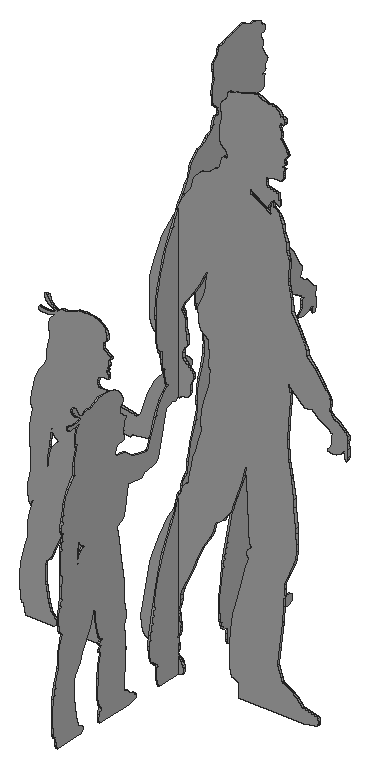
Revit family
Parameters
  built-in parameter 1005198 = (empty or 0)
  built-in parameter 1005195 = "d:\\byoh\\M25_HOL1_Santa.rpc"
Reference planes
  plane 1 "Center (Front/Back)": y = 0
  plane 2: z = 0
  plane 3 "Center (Left/Right)": x = 0
Forms (mm)
  Extrusion 1, solid, material "Sombra escala"
    sketch origin (0, 0, 0) x (1, 0, 0) y (0, 0, 1)
      loop
        line (-62.245, 1247.055) -> (-72.977, 1217.006) -> (-83.709, 1174.078) -> (-90.149, 1146.175) -> (-92.295, 1103.247) -> (-90.149, 1071.051) -> (-90.149, 1028.123) -> (-85.856, 1002.366) -> (-77.27, 991.634) -> (-66.538, 985.195) -> (-66.538, 959.438) -> (-64.392, 933.682) -> (-57.953, 927.242) -> (-55.806, 910.071) -> (-51.513, 890.754) -> (-47.221, 873.583) -> (-60.099, 860.704) -> (-75.124, 841.387) -> (-81.563, 830.655) -> (-88.002, 817.776) -> (-96.588, 800.605) -> (-109.466, 759.824) -> (-122.344, 727.628) -> (-128.784, 719.042) -> (-135.223, 719.042) -> (-188.883, 729.774) -> (-214.639, 751.238) -> (-225.371, 755.531) -> (-238.25, 757.677) -> (-255.421, 757.677) -> (-259.714, 759.824) -> (-264.007, 770.556) -> (-261.86, 779.141) -> (-257.567, 789.873) -> (-248.982, 792.02) -> (-233.957, 792.02) -> (-227.518, 794.166) -> (-227.518, 798.459) -> (-227.518, 804.898) -> (-231.811, 817.776) -> (-227.518, 819.923) -> (-227.518, 822.069) -> (-229.664, 826.362) -> (-225.371, 830.655) -> (-225.371, 834.947) -> (-227.518, 847.826) -> (-218.932, 856.411) -> (-218.932, 860.704) -> (-221.079, 862.851) -> (-242.543, 880.022) -> (-244.689, 886.461) -> (-242.543, 895.047) -> (-233.957, 905.779) -> (-231.811, 907.925) -> (-229.664, 907.925) -> (-231.811, 920.803) -> (-238.25, 935.828) -> (-251.128, 948.706) -> (-264.007, 957.292) -> (-281.178, 961.585) -> (-304.788, 963.731) -> (-326.252, 961.585) -> (-345.57, 952.999) -> (-362.741, 946.56) -> (-375.619, 948.706) -> (-386.351, 944.414) -> (-394.937, 937.974) -> (-405.669, 942.267) -> (-418.547, 955.146) -> (-427.133, 974.463) -> (-433.572, 976.61) -> (-437.864, 974.463) -> (-437.864, 968.024) -> (-433.572, 957.292) -> (-422.84, 946.56) -> (-407.815, 937.974) -> (-399.229, 933.682) -> (-409.961, 929.389) -> (-431.425, 927.242) -> (-446.45, 929.389) -> (-455.036, 931.535) -> (-457.182, 927.242) -> (-457.182, 922.95) -> (-452.889, 918.657) -> (-446.45, 916.51) -> (-427.133, 918.657) -> (-403.522, 925.096) -> (-420.693, 905.779) -> (-424.986, 888.607) -> (-424.986, 875.729) -> (-422.84, 858.558) -> (-420.693, 849.972) -> (-429.279, 824.216) -> (-431.425, 804.898) -> (-431.425, 779.141) -> (-442.157, 761.97) -> (-455.036, 744.799) -> (-465.768, 727.628) -> (-472.207, 708.31) -> (-474.353, 693.285) -> (-480.792, 663.236) -> (-485.085, 643.918) -> (-485.085, 633.186) -> (-480.792, 624.601) -> (-478.646, 618.162) -> (-485.085, 585.966) -> (-487.232, 568.795) -> (-487.232, 534.452) -> (-485.085, 474.353) -> (-485.085, 437.864) -> (-489.378, 418.547) -> (-493.671, 390.644) -> (-493.671, 371.326) -> (-491.524, 341.277) -> (-489.378, 334.838) -> (-485.085, 332.691) -> (-482.939, 334.838) -> (-478.646, 347.716) -> (-480.792, 330.545) -> (-487.232, 309.081) -> (-493.671, 279.031) -> (-493.671, 244.689) -> (-495.817, 233.957) -> (-502.256, 212.493) -> (-508.696, 188.883) -> (-517.281, 150.248) -> (-519.427, 113.759) -> (-519.427, 90.149) -> (-517.281, 45.074) -> (-512.988, 34.342) -> (-506.549, 32.196) -> (-504.403, 10.732) -> (-500.11, 0) -> (-412.108, 0) -> (-405.669, 2.146) -> (-399.229, 6.439) -> (-397.083, 8.586) -> (-394.937, 12.878) -> (-397.083, 17.171) -> (-399.229, 21.464) -> (-416.401, 32.196) -> (-424.986, 64.392) -> (-435.718, 122.344) -> (-435.718, 171.712) -> (-431.425, 184.59) -> (-420.693, 193.176) -> (-416.401, 201.761) -> (-409.961, 214.639) -> (-405.669, 225.371) -> (-394.937, 246.835) -> (-369.18, 298.349) -> (-364.887, 313.374) -> (-356.301, 339.13) -> (-345.57, 362.741) -> (-341.277, 309.081) -> (-332.691, 272.592) -> (-326.252, 251.128) -> (-319.813, 244.689) -> (-324.106, 238.25) -> (-326.252, 231.811) -> (-321.959, 223.225) -> (-326.252, 214.639) -> (-326.252, 208.2) -> (-321.959, 201.761) -> (-328.398, 167.419) -> (-330.545, 130.93) -> (-332.691, 92.295) -> (-332.691, 75.124) -> (-328.398, 55.806) -> (-324.106, 42.928) -> (-326.252, 23.61) -> (-328.398, 8.586) -> (-326.252, 0) -> (-206.054, 0) -> (-184.59, 4.293) -> (-180.297, 6.439) -> (-176.004, 8.586) -> (-176.004, 17.171) -> (-178.151, 21.464) -> (-184.59, 25.757) -> (-201.761, 32.196) -> (-210.347, 42.928) -> (-225.371, 51.513) -> (-227.518, 53.66) -> (-223.225, 152.394) -> (-223.225, 216.786) -> (-227.518, 242.543) -> (-221.079, 253.275) -> (-216.786, 264.007) -> (-216.786, 279.031) -> (-225.371, 319.813) -> (-227.518, 373.473) -> (-236.103, 427.133) -> (-240.396, 446.45) -> (-248.982, 506.549) -> (-255.421, 547.331) -> (-240.396, 558.063) -> (-227.518, 566.648) -> (-221.079, 585.966) -> (-216.786, 605.283) -> (-214.639, 633.186) -> (-212.493, 652.504) -> (-210.347, 656.797) -> (-208.2, 656.797) -> (-199.615, 654.65) -> (-160.98, 648.211) -> (-154.54, 650.358) -> (-145.955, 658.943) -> (-105.173, 663.236) -> (-94.441, 667.529) -> (-90.149, 671.821) -> (-85.856, 678.261) -> (-77.27, 708.31) -> (-66.538, 757.677) -> (-51.513, 807.044) -> (-40.781, 811.337) -> (-25.757, 819.923) -> (-19.318, 817.776) -> (-12.878, 815.63) -> (-6.439, 817.776) -> (-2.146, 822.069) -> (6.439, 822.069) -> (10.732, 824.216) -> (17.171, 830.655) -> (23.61, 830.655) -> (27.903, 830.655) -> (36.489, 834.947) -> (40.781, 839.24) -> (45.074, 845.679) -> (45.074, 856.411) -> (45.074, 873.583) -> (51.513, 886.461) -> (53.66, 892.9) -> (53.66, 901.486) -> (53.66, 907.925) -> (40.781, 920.803) -> (25.757, 935.828) -> (19.318, 944.414) -> (19.318, 959.438) -> (21.464, 968.024) -> (25.757, 976.61) -> (34.342, 985.195) -> (32.196, 1015.245) -> (27.903, 1036.709) -> (27.903, 1060.319) -> (23.61, 1071.051) -> (15.025, 1083.929) -> (17.171, 1094.661) -> (27.903, 1111.832) -> (40.781, 1129.004) -> (55.806, 1150.467) -> (77.27, 1182.663) -> (85.856, 1206.274) -> (98.734, 1223.445) -> (94.441, 1180.517) -> (85.856, 1154.76) -> (72.977, 1124.711) -> (66.538, 1109.686) -> (68.685, 1101.1) -> (70.831, 1088.222) -> (70.831, 1071.051) -> (77.27, 1047.441) -> (90.149, 1036.709) -> (103.027, 1025.977) -> (105.173, 1013.098) -> (107.32, 987.341) -> (105.173, 957.292) -> (105.173, 946.56) -> (109.466, 935.828) -> (107.32, 920.803) -> (107.32, 901.486) -> (98.734, 869.29) -> (85.856, 837.094) -> (79.417, 807.044) -> (77.27, 774.848) -> (79.417, 749.092) -> (68.685, 710.457) -> (60.099, 682.553) -> (51.513, 663.236) -> (47.221, 635.333) -> (40.781, 611.722) -> (38.635, 588.112) -> (36.489, 579.527) -> (27.903, 573.087) -> (21.464, 566.648) -> (17.171, 562.355) -> (15.025, 551.623) -> (12.878, 538.745) -> (4.293, 532.306) -> (0, 525.867) -> (-6.439, 508.696) -> (-10.732, 487.232) -> (-30.05, 455.036) -> (-45.074, 424.986) -> (-62.245, 386.351) -> (-81.563, 330.545) -> (-90.149, 300.495) -> (-98.734, 261.86) -> (-100.881, 244.689) -> (-115.905, 165.272) -> (-120.198, 135.223) -> (-118.052, 105.173) -> (-113.759, 88.002) -> (-107.32, 79.417) -> (-98.734, 72.977) -> (-88.002, 66.538) -> (-90.149, 51.513) -> (-90.149, 30.05) -> (-85.856, 8.586) -> (-81.563, 2.146) -> (-79.417, 0) -> (0, 0) -> (17.171, 6.439) -> (21.464, 12.878) -> (21.464, 23.61) -> (19.318, 32.196) -> (10.732, 45.074) -> (-2.146, 60.099) -> (4.293, 72.977) -> (4.293, 85.856) -> (0, 103.027) -> (0, 109.466) -> (6.439, 118.052) -> (10.732, 130.93) -> (10.732, 141.662) -> (6.439, 176.004) -> (4.293, 188.883) -> (10.732, 210.347) -> (12.878, 225.371) -> (12.878, 240.396) -> (19.318, 259.714) -> (30.05, 283.324) -> (53.66, 332.691) -> (64.392, 362.741) -> (88.002, 407.815) -> (111.613, 446.45) -> (120.198, 465.768) -> (126.637, 491.524) -> (141.662, 500.11) -> (154.54, 510.842) -> (163.126, 523.72) -> (180.297, 545.184) -> (186.736, 568.795) -> (195.322, 594.551) -> (212.493, 641.772) -> (221.079, 667.529) -> (227.518, 691.139) -> (233.957, 603.137) -> (236.103, 508.696) -> (240.396, 472.207) -> (242.543, 465.768) -> (246.835, 463.621) -> (244.689, 457.182) -> (238.25, 455.036) -> (233.957, 450.743) -> (229.664, 442.157) -> (229.664, 433.572) -> (236.103, 424.986) -> (223.225, 386.351) -> (206.054, 321.959) -> (188.883, 264.007) -> (184.59, 244.689) -> (178.151, 195.322) -> (171.712, 150.248) -> (171.712, 124.491) -> (173.858, 83.709) -> (180.297, 55.806) -> (188.883, 51.513) -> (203.907, 47.221) -> (201.761, 32.196) -> (201.761, 12.878) -> (203.907, 2.146) -> (208.2, 0) -> (379.912, 0) -> (418.547, 0) -> (455.036, 6.439) -> (463.621, 10.732) -> (465.768, 12.878) -> (467.914, 17.171) -> (467.914, 21.464) -> (465.768, 32.196) -> (459.328, 36.489) -> (414.254, 47.221) -> (394.937, 68.685) -> (373.473, 81.563) -> (347.716, 96.588) -> (332.691, 145.955) -> (339.13, 199.615) -> (347.716, 274.739) -> (352.009, 324.106) -> (354.155, 375.619) -> (354.155, 390.644) -> (371.326, 429.279) -> (386.351, 459.328) -> (390.644, 476.5) -> (394.937, 500.11) -> (394.937, 521.574) -> (392.79, 553.77) -> (392.79, 568.795) -> (386.351, 628.894) -> (386.351, 652.504) -> (377.765, 712.603) -> (369.18, 766.263) -> (364.887, 824.216) -> (369.18, 864.997) -> (371.326, 916.51) -> (375.619, 933.682) -> (373.473, 957.292) -> (369.18, 987.341) -> (409.961, 944.414) -> (420.693, 937.974) -> (431.425, 937.974) -> (444.304, 942.267) -> (459.328, 927.242) -> (467.914, 920.803) -> (478.646, 916.51) -> (489.378, 907.925) -> (500.11, 901.486) -> (508.696, 895.047) -> (515.135, 892.9) -> (510.842, 882.168) -> (510.842, 871.436) -> (510.842, 860.704) -> (508.696, 856.411) -> (502.256, 847.826) -> (497.964, 843.533) -> (495.817, 839.24) -> (495.817, 837.094) -> (508.696, 834.947) -> (515.135, 834.947) -> (525.867, 834.947) -> (534.452, 839.24) -> (543.038, 843.533) -> (549.477, 852.119) -> (553.77, 841.387) -> (553.77, 832.801) -> (555.916, 826.362) -> (560.209, 826.362) -> (562.355, 830.655) -> (564.502, 839.24) -> (564.502, 862.851) -> (562.355, 880.022) -> (564.502, 890.754) -> (564.502, 901.486) -> (555.916, 910.071) -> (534.452, 933.682) -> (521.574, 937.974) -> (506.549, 950.853) -> (502.256, 957.292) -> (506.549, 974.463) -> (506.549, 987.341) -> (502.256, 993.781) -> (470.06, 1047.441) -> (455.036, 1066.758) -> (429.279, 1094.661) -> (429.279, 1107.54) -> (416.401, 1133.296) -> (401.376, 1167.639) -> (379.912, 1206.274) -> (377.765, 1240.616) -> (371.326, 1270.666) -> (367.033, 1292.13) -> (369.18, 1302.861) -> (371.326, 1352.229) -> (367.033, 1365.107) -> (362.741, 1382.278) -> (362.741, 1403.742) -> (352.009, 1433.792) -> (349.862, 1453.109) -> (343.423, 1468.134) -> (336.984, 1481.012) -> (317.666, 1496.037) -> (319.813, 1513.208) -> (336.984, 1502.476) -> (334.838, 1541.111) -> (298.349, 1549.697) -> (294.056, 1551.843) -> (294.056, 1560.429) -> (294.056, 1569.014) -> (294.056, 1573.307) -> (296.202, 1575.454) -> (315.52, 1579.746) -> (339.13, 1579.746) -> (345.57, 1581.893) -> (349.862, 1588.332) -> (352.009, 1592.625) -> (352.009, 1599.064) -> (352.009, 1607.65) -> (352.009, 1611.942) -> (356.301, 1620.528) -> (352.009, 1622.674) -> (336.984, 1622.674) -> (356.301, 1631.26) -> (358.448, 1635.553) -> (356.301, 1639.845) -> (354.155, 1646.285) -> (356.301, 1648.431) -> (364.887, 1659.163) -> (367.033, 1663.456) -> (364.887, 1669.895) -> (360.594, 1676.334) -> (341.277, 1704.237) -> (345.57, 1708.53) -> (345.57, 1717.116) -> (345.57, 1723.555) -> (341.277, 1734.287) -> (339.13, 1742.872) -> (341.277, 1751.458) -> (349.862, 1749.312) -> (352.009, 1747.165) -> (356.301, 1753.604) -> (356.301, 1760.044) -> (356.301, 1766.483) -> (349.862, 1772.922) -> (343.423, 1772.922) -> (339.13, 1785.8) -> (324.106, 1792.239) -> (311.227, 1796.532) -> (298.349, 1794.386) -> (276.885, 1805.118) -> (266.153, 1809.411) -> (253.275, 1807.264) -> (225.371, 1798.679) -> (195.322, 1792.239) -> (184.59, 1785.8) -> (173.858, 1785.8) -> (167.419, 1781.507) -> (165.272, 1775.068) -> (163.126, 1762.19) -> (156.687, 1755.751) -> (145.955, 1747.165) -> (143.808, 1740.726) -> (143.808, 1727.848) -> (145.955, 1708.53) -> (148.101, 1697.798) -> (141.662, 1674.188) -> (139.516, 1654.87) -> (141.662, 1641.992) -> (141.662, 1631.26) -> (143.808, 1622.674) -> (154.54, 1611.942) -> (163.126, 1605.503) -> (165.272, 1590.478) -> (165.272, 1584.039) -> (152.394, 1586.186) -> (148.101, 1581.893) -> (139.516, 1556.136) -> (137.369, 1547.55) -> (122.344, 1541.111) -> (115.905, 1534.672) -> (107.32, 1526.087) -> (92.295, 1519.647) -> (81.563, 1517.501) -> (72.977, 1511.062) -> (62.245, 1498.183) -> (53.66, 1489.598) -> (49.367, 1478.866) -> (42.928, 1453.109) -> (32.196, 1438.084) -> (19.318, 1416.62) -> (4.293, 1393.01) -> (-12.878, 1356.521) -> (-25.757, 1330.765) -> (-51.513, 1279.251) -> (-62.245, 1247.055)
      loop
        line (-416.401, 583.819) -> (-422.84, 532.306) -> (-427.133, 491.524) -> (-429.279, 467.914) -> (-427.133, 470.06) -> (-424.986, 493.671) -> (-418.547, 515.135) -> (-412.108, 528.013) -> (-403.522, 540.891) -> (-392.79, 549.477) -> (-407.815, 564.502) -> (-416.401, 583.819)
      loop
        line (309.081, 1472.427) -> (313.094, 1510.549) -> (300.495, 1487.451) -> (242.543, 1519.647) -> (242.543, 1506.769) -> (309.081, 1472.427)
    from -2.5 to 2.5
  Extrusion 2, solid, material "Sombra escala"
    sketch origin (0, 0, 0) x (0, 1, 0) y (0, 0, 1)
      loop
        line (-72.977, 1217.006) -> (-83.709, 1174.078) -> (-90.149, 1146.175) -> (-92.295, 1103.247) -> (-90.149, 1071.051) -> (-90.149, 1028.123) -> (-85.856, 1002.366) -> (-77.27, 991.634) -> (-66.538, 985.195) -> (-66.538, 959.438) -> (-64.392, 933.682) -> (-57.953, 927.242) -> (-55.806, 910.071) -> (-51.513, 890.754) -> (-47.221, 873.583) -> (-60.099, 860.704) -> (-75.124, 841.387) -> (-81.563, 830.655) -> (-88.002, 817.776) -> (-96.588, 800.605) -> (-109.466, 759.824) -> (-122.344, 727.628) -> (-128.784, 719.042) -> (-135.223, 719.042) -> (-188.883, 729.774) -> (-214.639, 751.238) -> (-225.371, 755.531) -> (-238.25, 757.677) -> (-255.421, 757.677) -> (-259.714, 759.824) -> (-264.007, 770.556) -> (-261.86, 779.141) -> (-257.567, 789.873) -> (-248.982, 792.02) -> (-233.957, 792.02) -> (-227.518, 794.166) -> (-227.518, 798.459) -> (-227.518, 804.898) -> (-231.811, 817.776) -> (-227.518, 819.923) -> (-227.518, 822.069) -> (-229.664, 826.362) -> (-225.371, 830.655) -> (-225.371, 834.947) -> (-227.518, 847.826) -> (-218.932, 856.411) -> (-218.932, 860.704) -> (-221.079, 862.851) -> (-242.543, 880.022) -> (-244.689, 886.461) -> (-242.543, 895.047) -> (-233.957, 905.779) -> (-231.811, 907.925) -> (-229.664, 907.925) -> (-231.811, 920.803) -> (-238.25, 935.828) -> (-251.128, 948.706) -> (-264.007, 957.292) -> (-281.178, 961.585) -> (-304.788, 963.731) -> (-326.252, 961.585) -> (-345.57, 952.999) -> (-362.741, 946.56) -> (-375.619, 948.706) -> (-386.351, 944.414) -> (-394.937, 937.974) -> (-405.669, 942.267) -> (-418.547, 955.146) -> (-427.133, 974.463) -> (-433.572, 976.61) -> (-437.864, 974.463) -> (-437.864, 968.024) -> (-433.572, 957.292) -> (-422.84, 946.56) -> (-407.815, 937.974) -> (-399.229, 933.682) -> (-409.961, 929.389) -> (-431.425, 927.242) -> (-446.45, 929.389) -> (-455.036, 931.535) -> (-457.182, 927.242) -> (-457.182, 922.95) -> (-452.889, 918.657) -> (-446.45, 916.51) -> (-427.133, 918.657) -> (-403.522, 925.096) -> (-420.693, 905.779) -> (-424.986, 888.607) -> (-424.986, 875.729) -> (-422.84, 858.558) -> (-420.693, 849.972) -> (-429.279, 824.216) -> (-431.425, 804.898) -> (-431.425, 779.141) -> (-442.157, 761.97) -> (-455.036, 744.799) -> (-465.768, 727.628) -> (-472.207, 708.31) -> (-474.353, 693.285) -> (-480.792, 663.236) -> (-485.085, 643.918) -> (-485.085, 633.186) -> (-480.792, 624.601) -> (-478.646, 618.162) -> (-485.085, 585.966) -> (-487.232, 568.795) -> (-487.232, 534.452) -> (-485.085, 474.353) -> (-485.085, 437.864) -> (-489.378, 418.547) -> (-493.671, 390.644) -> (-493.671, 371.326) -> (-491.524, 341.277) -> (-489.378, 334.838) -> (-485.085, 332.691) -> (-482.939, 334.838) -> (-478.646, 347.716) -> (-480.792, 330.545) -> (-487.232, 309.081) -> (-493.671, 279.031) -> (-493.671, 244.689) -> (-495.817, 233.957) -> (-502.256, 212.493) -> (-508.696, 188.883) -> (-517.281, 150.248) -> (-519.427, 113.759) -> (-519.427, 90.149) -> (-517.281, 45.074) -> (-512.988, 34.342) -> (-506.549, 32.196) -> (-504.403, 10.732) -> (-500.11, 0) -> (-412.108, 0) -> (-405.669, 2.146) -> (-399.229, 6.439) -> (-397.083, 8.586) -> (-394.937, 12.878) -> (-397.083, 17.171) -> (-399.229, 21.464) -> (-416.401, 32.196) -> (-424.986, 64.392) -> (-435.718, 122.344) -> (-435.718, 171.712) -> (-431.425, 184.59) -> (-420.693, 193.176) -> (-416.401, 201.761) -> (-409.961, 214.639) -> (-405.669, 225.371) -> (-394.937, 246.835) -> (-369.18, 298.349) -> (-364.887, 313.374) -> (-356.301, 339.13) -> (-345.57, 362.741) -> (-341.277, 309.081) -> (-332.691, 272.592) -> (-326.252, 251.128) -> (-319.813, 244.689) -> (-324.106, 238.25) -> (-326.252, 231.811) -> (-321.959, 223.225) -> (-326.252, 214.639) -> (-326.252, 208.2) -> (-321.959, 201.761) -> (-328.398, 167.419) -> (-330.545, 130.93) -> (-332.691, 92.295) -> (-332.691, 75.124) -> (-328.398, 55.806) -> (-324.106, 42.928) -> (-326.252, 23.61) -> (-328.398, 8.586) -> (-326.252, 0) -> (-206.054, 0) -> (-184.59, 4.293) -> (-180.297, 6.439) -> (-176.004, 8.586) -> (-176.004, 17.171) -> (-178.151, 21.464) -> (-184.59, 25.757) -> (-201.761, 32.196) -> (-210.347, 42.928) -> (-225.371, 51.513) -> (-227.518, 53.66) -> (-223.225, 152.394) -> (-223.225, 216.786) -> (-227.518, 242.543) -> (-221.079, 253.275) -> (-216.786, 264.007) -> (-216.786, 279.031) -> (-225.371, 319.813) -> (-227.518, 373.473) -> (-236.103, 427.133) -> (-240.396, 446.45) -> (-248.982, 506.549) -> (-255.421, 547.331) -> (-240.396, 558.063) -> (-227.518, 566.648) -> (-221.079, 585.966) -> (-216.786, 605.283) -> (-214.639, 633.186) -> (-212.493, 652.504) -> (-210.347, 656.797) -> (-208.2, 656.797) -> (-199.615, 654.65) -> (-160.98, 648.211) -> (-154.54, 650.358) -> (-145.955, 658.943) -> (-105.173, 663.236) -> (-94.441, 667.529) -> (-90.149, 671.821) -> (-85.856, 678.261) -> (-77.27, 708.31) -> (-66.538, 757.677) -> (-51.513, 807.044) -> (-40.781, 811.337) -> (-25.757, 819.923) -> (-19.318, 817.776) -> (-12.878, 815.63) -> (-6.439, 817.776) -> (-2.146, 822.069) -> (6.439, 822.069) -> (10.732, 824.216) -> (17.171, 830.655) -> (23.61, 830.655) -> (27.903, 830.655) -> (36.489, 834.947) -> (40.781, 839.24) -> (45.074, 845.679) -> (45.074, 856.411) -> (45.074, 873.583) -> (51.513, 886.461) -> (53.66, 892.9) -> (53.66, 901.486) -> (53.66, 907.925) -> (40.781, 920.803) -> (25.757, 935.828) -> (19.318, 944.414) -> (19.318, 959.438) -> (21.464, 968.024) -> (25.757, 976.61) -> (34.342, 985.195) -> (32.196, 1015.245) -> (27.903, 1036.709) -> (27.903, 1060.319) -> (23.61, 1071.051) -> (15.025, 1083.929) -> (17.171, 1094.661) -> (27.903, 1111.832) -> (40.781, 1129.004) -> (55.806, 1150.467) -> (77.27, 1182.663) -> (85.856, 1206.274) -> (98.734, 1223.445) -> (94.441, 1180.517) -> (85.856, 1154.76) -> (72.977, 1124.711) -> (66.538, 1109.686) -> (68.685, 1101.1) -> (70.831, 1088.222) -> (70.831, 1071.051) -> (77.27, 1047.441) -> (90.149, 1036.709) -> (103.027, 1025.977) -> (105.173, 1013.098) -> (107.32, 987.341) -> (105.173, 957.292) -> (105.173, 946.56) -> (109.466, 935.828) -> (107.32, 920.803) -> (107.32, 901.486) -> (98.734, 869.29) -> (85.856, 837.094) -> (79.417, 807.044) -> (77.27, 774.848) -> (79.417, 749.092) -> (68.685, 710.457) -> (60.099, 682.553) -> (51.513, 663.236) -> (47.221, 635.333) -> (40.781, 611.722) -> (38.635, 588.112) -> (36.489, 579.527) -> (27.903, 573.087) -> (21.464, 566.648) -> (17.171, 562.355) -> (15.025, 551.623) -> (12.878, 538.745) -> (4.293, 532.306) -> (0, 525.867) -> (-6.439, 508.696) -> (-10.732, 487.232) -> (-30.05, 455.036) -> (-45.074, 424.986) -> (-62.245, 386.351) -> (-81.563, 330.545) -> (-90.149, 300.495) -> (-98.734, 261.86) -> (-100.881, 244.689) -> (-115.905, 165.272) -> (-120.198, 135.223) -> (-118.052, 105.173) -> (-113.759, 88.002) -> (-107.32, 79.417) -> (-98.734, 72.977) -> (-88.002, 66.538) -> (-90.149, 51.513) -> (-90.149, 30.05) -> (-85.856, 8.586) -> (-81.563, 2.146) -> (-79.417, 0) -> (0, 0) -> (17.171, 6.439) -> (21.464, 12.878) -> (21.464, 23.61) -> (19.318, 32.196) -> (10.732, 45.074) -> (-2.146, 60.099) -> (4.293, 72.977) -> (4.293, 85.856) -> (0, 103.027) -> (0, 109.466) -> (6.439, 118.052) -> (10.732, 130.93) -> (10.732, 141.662) -> (6.439, 176.004) -> (4.293, 188.883) -> (10.732, 210.347) -> (12.878, 225.371) -> (12.878, 240.396) -> (19.318, 259.714) -> (30.05, 283.324) -> (53.66, 332.691) -> (64.392, 362.741) -> (88.002, 407.815) -> (111.613, 446.45) -> (120.198, 465.768) -> (126.637, 491.524) -> (141.662, 500.11) -> (154.54, 510.842) -> (163.126, 523.72) -> (180.297, 545.184) -> (186.736, 568.795) -> (195.322, 594.551) -> (212.493, 641.772) -> (221.079, 667.529) -> (227.518, 691.139) -> (233.957, 603.137) -> (236.103, 508.696) -> (240.396, 472.207) -> (242.543, 465.768) -> (246.835, 463.621) -> (244.689, 457.182) -> (238.25, 455.036) -> (233.957, 450.743) -> (229.664, 442.157) -> (229.664, 433.572) -> (236.103, 424.986) -> (223.225, 386.351) -> (206.054, 321.959) -> (188.883, 264.007) -> (184.59, 244.689) -> (178.151, 195.322) -> (171.712, 150.248) -> (171.712, 124.491) -> (173.858, 83.709) -> (180.297, 55.806) -> (188.883, 51.513) -> (203.907, 47.221) -> (201.761, 32.196) -> (201.761, 12.878) -> (203.907, 2.146) -> (208.2, 0) -> (379.912, 0) -> (418.547, 0) -> (455.036, 6.439) -> (463.621, 10.732) -> (465.768, 12.878) -> (467.914, 17.171) -> (467.914, 21.464) -> (465.768, 32.196) -> (459.328, 36.489) -> (414.254, 47.221) -> (394.937, 68.685) -> (373.473, 81.563) -> (347.716, 96.588) -> (332.691, 145.955) -> (339.13, 199.615) -> (347.716, 274.739) -> (352.009, 324.106) -> (354.155, 375.619) -> (354.155, 390.644) -> (371.326, 429.279) -> (386.351, 459.328) -> (390.644, 476.5) -> (394.937, 500.11) -> (394.937, 521.574) -> (392.79, 553.77) -> (392.79, 568.795) -> (386.351, 628.894) -> (386.351, 652.504) -> (377.765, 712.603) -> (369.18, 766.263) -> (364.887, 824.216) -> (369.18, 864.997) -> (371.326, 916.51) -> (375.619, 933.682) -> (373.473, 957.292) -> (369.18, 987.341) -> (409.961, 944.414) -> (420.693, 937.974) -> (431.425, 937.974) -> (444.304, 942.267) -> (459.328, 927.242) -> (467.914, 920.803) -> (478.646, 916.51) -> (489.378, 907.925) -> (500.11, 901.486) -> (508.696, 895.047) -> (515.135, 892.9) -> (510.842, 882.168) -> (510.842, 871.436) -> (510.842, 860.704) -> (508.696, 856.411) -> (502.256, 847.826) -> (497.964, 843.533) -> (495.817, 839.24) -> (495.817, 837.094) -> (508.696, 834.947) -> (515.135, 834.947) -> (525.867, 834.947) -> (534.452, 839.24) -> (543.038, 843.533) -> (549.477, 852.119) -> (553.77, 841.387) -> (553.77, 832.801) -> (555.916, 826.362) -> (560.209, 826.362) -> (562.355, 830.655) -> (564.502, 839.24) -> (564.502, 862.851) -> (562.355, 880.022) -> (564.502, 890.754) -> (564.502, 901.486) -> (555.916, 910.071) -> (534.452, 933.682) -> (521.574, 937.974) -> (506.549, 950.853) -> (502.256, 957.292) -> (506.549, 974.463) -> (506.549, 987.341) -> (502.256, 993.781) -> (470.06, 1047.441) -> (455.036, 1066.758) -> (429.279, 1094.661) -> (429.279, 1107.54) -> (416.401, 1133.296) -> (401.376, 1167.639) -> (379.912, 1206.274) -> (377.765, 1240.616) -> (371.326, 1270.666) -> (367.033, 1292.13) -> (369.18, 1302.861) -> (371.326, 1352.229) -> (367.033, 1365.107) -> (362.741, 1382.278) -> (362.741, 1403.742) -> (352.009, 1433.792) -> (349.862, 1453.109) -> (343.423, 1468.134) -> (336.984, 1481.012) -> (317.666, 1496.037) -> (319.813, 1513.208) -> (336.984, 1502.476) -> (334.838, 1541.111) -> (298.349, 1549.697) -> (294.056, 1551.843) -> (294.056, 1560.429) -> (294.056, 1569.014) -> (294.056, 1573.307) -> (296.202, 1575.454) -> (315.52, 1579.746) -> (339.13, 1579.746) -> (345.57, 1581.893) -> (349.862, 1588.332) -> (352.009, 1592.625) -> (352.009, 1599.064) -> (352.009, 1607.65) -> (352.009, 1611.942) -> (356.301, 1620.528) -> (352.009, 1622.674) -> (336.984, 1622.674) -> (356.301, 1631.26) -> (358.448, 1635.553) -> (356.301, 1639.845) -> (354.155, 1646.285) -> (356.301, 1648.431) -> (364.887, 1659.163) -> (367.033, 1663.456) -> (364.887, 1669.895) -> (360.594, 1676.334) -> (341.277, 1704.237) -> (345.57, 1708.53) -> (345.57, 1717.116) -> (345.57, 1723.555) -> (341.277, 1734.287) -> (339.13, 1742.872) -> (341.277, 1751.458) -> (349.862, 1749.312) -> (352.009, 1747.165) -> (356.301, 1753.604) -> (356.301, 1760.044) -> (356.301, 1766.483) -> (349.862, 1772.922) -> (343.423, 1772.922) -> (339.13, 1785.8) -> (324.106, 1792.239) -> (311.227, 1796.532) -> (298.349, 1794.386) -> (276.885, 1805.118) -> (266.153, 1809.411) -> (253.275, 1807.264) -> (225.371, 1798.679) -> (195.322, 1792.239) -> (184.59, 1785.8) -> (173.858, 1785.8) -> (167.419, 1781.507) -> (165.272, 1775.068) -> (163.126, 1762.19) -> (156.687, 1755.751) -> (145.955, 1747.165) -> (143.808, 1740.726) -> (143.808, 1727.848) -> (145.955, 1708.53) -> (148.101, 1697.798) -> (141.662, 1674.188) -> (139.516, 1654.87) -> (141.662, 1641.992) -> (141.662, 1631.26) -> (143.808, 1622.674) -> (154.54, 1611.942) -> (163.126, 1605.503) -> (165.272, 1590.478) -> (165.272, 1584.039) -> (152.394, 1586.186) -> (148.101, 1581.893) -> (139.516, 1556.136) -> (137.369, 1547.55) -> (122.344, 1541.111) -> (115.905, 1534.672) -> (107.32, 1526.087) -> (92.295, 1519.647) -> (81.563, 1517.501) -> (72.977, 1511.062) -> (62.245, 1498.183) -> (53.66, 1489.598) -> (49.367, 1478.866) -> (42.928, 1453.109) -> (32.196, 1438.084) -> (19.318, 1416.62) -> (4.293, 1393.01) -> (-12.878, 1356.521) -> (-25.757, 1330.765) -> (-51.513, 1279.251) -> (-62.245, 1247.055) -> (-72.977, 1217.006)
      loop
        line (-392.79, 549.477) -> (-407.815, 564.502) -> (-416.401, 583.819) -> (-422.84, 532.306) -> (-427.133, 491.524) -> (-429.279, 467.914) -> (-427.133, 470.06) -> (-424.986, 493.671) -> (-418.547, 515.135) -> (-412.108, 528.013) -> (-403.522, 540.891) -> (-392.79, 549.477)
      loop
        line (309.081, 1472.427) -> (313.094, 1510.549) -> (300.495, 1487.451) -> (242.543, 1519.647) -> (242.543, 1506.769) -> (309.081, 1472.427)
    from -2.5 to 2.5
